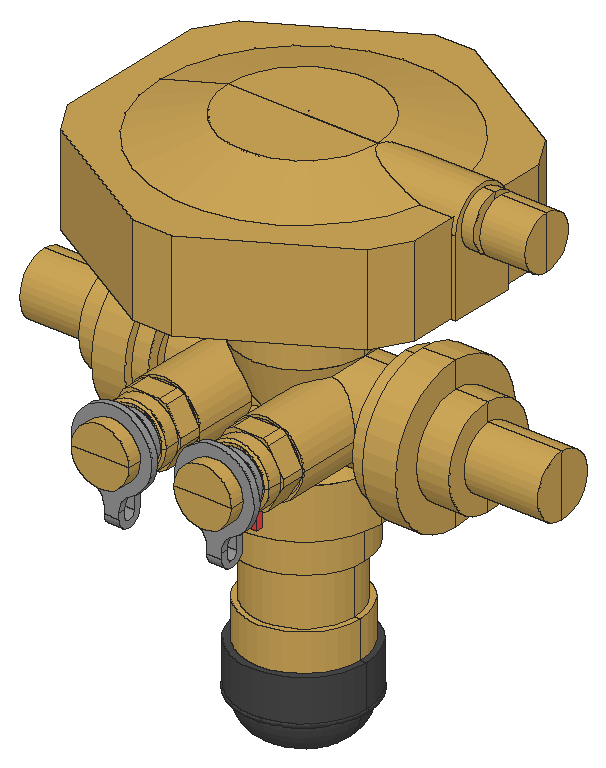
Revit family "Kombiventil 4006_M", category Rohrzubehör, Revit 2021 (continued)
Definition of nested family "Messstutzen_Band_Austritt_senkrecht"
  Forms (mm)
    Sweep 6, solid, detail levels fine
      path origin (0, 0, 0) x (0, 0, 1) y (0, -1, 0)
        loop
          line (-32.428, -14.522) -> (-32.428, -13.089)
      profile origin (0, 12.052, -27.75) x (0, 0, 1) y (1, 0, 0)
        loop
          line (0.75, -1.8) -> (0.75, 1.8) -> (-0.75, 1.8) -> (-0.75, -1.8) -> (0.75, -1.8)
  Cuts and joins
    joined: Extrusion 4, Extrusion 5, Sweep 6
  Dimensions and locks
    aligned and locked: level to plane 2
Definition of nested family "Messstutzen_Band_Eintritt_senkrecht"
  Parameters (values of type "Messstutzen_Band_Eintritt_senkrecht")
    Default Elevation = 0.000 mm
    URL = "www.herz-armaturen.at"
    Schutzkappe [instance] = yes
    Nennweite [instance] = 0.000 mm
    Manufacturer = "Herz Armaturen GmbH"  # constant formula
    Gewicht [instance] = 0.00 kg
    Bestellnummer [instance] = 0
  Reference planes
    plane 1 "Mitte (Vorne/hinten)": y = 0
    plane 2: z = 0
    plane 3 "Mitte (Links/rechts)": x = 0
    plane 4 "Schlaufe 1": z = -27
    plane 5 "Schlaufe 2": z = -31.678
  Forms (mm)
    Revolve 1, solid, detail levels fine
      sketch origin (0, 0, 0) x (1, 0, 0) y (0, 0, 1)
        loop
          line (-7.4, -9) -> (-7.4, -16.5)
          arc (-7.4, -16.5) -> (-7.693, -17.207) -> (-8.4, -17.5) r 1
          line (-8.4, -17.5) -> (-2, -17.5) -> (-2, 0) -> (-5.555, 0) -> (-6.455, -0.9) -> (-6.455, -4.681) -> (-5.843, -5.293)
          arc (-5.843, -5.293) -> (-5.626, -5.617) -> (-5.55, -6) r 1
          line (-5.55, -6) -> (-5.55, -9) -> (-7.4, -9)
        loop
          line (-3.7, -27) -> (-3.7, -30.45) -> (-4.415, -30.863) -> (-4.415, -35.19) -> (-3.805, -35.8) -> (-2, -35.8) -> (-2, -23) -> (-7.9, -23) -> (-7.9, -26.4) -> (-7.3, -27) -> (-3.7, -27)
        axis (0, 0) -> (0, -35.8)
      angle from 0 to 360
    Extrusion 2, solid, detail levels fine
      sketch origin (0, 0, -17.5) x (0, 1, 0) y (1, 0, 0)
        loop
          line (-7.07, -5.156) -> (-0.93, -8.7)
          arc (-0.93, -8.7) -> (0, -8.75) -> (0.93, -8.7) r 8.75
          line (0.93, -8.7) -> (7.07, -5.156)
          arc (7.07, -5.156) -> (7.578, -4.375) -> (8, -3.544) r 8.75
          line (8, -3.544) -> (8, 3.544)
          arc (8, 3.544) -> (7.578, 4.375) -> (7.07, 5.156) r 8.75
          line (7.07, 5.156) -> (0.93, 8.7)
          arc (0.93, 8.7) -> (0, 8.75) -> (-0.93, 8.7) r 8.75
          line (-0.93, 8.7) -> (-7.07, 5.156)
          arc (-7.07, 5.156) -> (-7.578, 4.375) -> (-8, 3.544) r 8.75
          line (-8, 3.544) -> (-8, -3.544)
          arc (-8, -3.544) -> (-7.578, -4.375) -> (-7.07, -5.156) r 8.75
      from 0 to 5.5
    Revolve 3, solid, visible <- "Schutzkappe", detail levels fine
      sketch origin (0, 0, 0) x (1, 0, 0) y (0, 0, 1)
        loop
          line (0, -35.878) -> (-3.805, -35.878) -> (-4.415, -35.268) -> (-4.415, -30.178) -> (-6.9, -30.178) -> (-6.9, -31.678) -> (-6.1, -31.678) -> (-6.1, -33.378) -> (-7, -33.378) -> (-7, -36.678) -> (0, -36.678) -> (0, -35.878)
        axis (0, -30.178) -> (0, -36.678)
      angle from 0 to 360
    Extrusion 4, solid, detail levels fine
      sketch origin (0, 0, -27) x (0, 1, 0) y (-1, 0, 0)
        loop
          circle (0, 0) r 3.7
        loop
          arc (5.505, 3.906) -> (-6.75, 0) -> (5.505, -3.906) r 6.75
          arc (5.505, -3.906) -> (7.288, -2.358) -> (9.582, -1.8) r 5
          line (9.582, -1.8) -> (9.582, 1.8)
          arc (9.582, 1.8) -> (7.288, 2.358) -> (5.505, 3.906) r 5
      from 0 to -1.5
    Extrusion 5, solid, detail levels fine
      sketch origin (0, 0, -31.678) x (0, 1, 0) y (-1, 0, 0)
        loop
          circle (0, 0) r 6.1
        loop
          arc (8.652, 4.495) -> (-9.75, 0) -> (8.652, -4.495) r 9.75
          arc (8.652, -4.495) -> (10.493, -2.527) -> (13.089, -1.8) r 5
          line (13.089, -1.8) -> (13.089, 1.8)
          arc (13.089, 1.8) -> (10.493, 2.527) -> (8.652, 4.495) r 5
      from 0 to -1.5
    Sweep 6, solid, detail levels fine
      path origin (0, 0, 0) x (0, 0, 1) y (0, -1, 0)
        loop
          line (-27.75, -9.582) -> (-27.75, -14.522)
          arc (-27.75, -14.522) -> (-30.089, -16.862) -> (-32.428, -14.522) r 2.339
          line (-32.428, -14.522) -> (-32.428, -13.089)
      profile origin (0, 12.052, -27.75) x (0, 0, 1) y (1, 0, 0)
        loop
          line (0.75, -1.8) -> (0.75, 1.8) -> (-0.75, 1.8) -> (-0.75, -1.8) -> (0.75, -1.8)
  Cuts and joins
    joined: Extrusion 4, Extrusion 5, Sweep 6
  Dimensions and locks
    aligned and locked: level to plane 2
